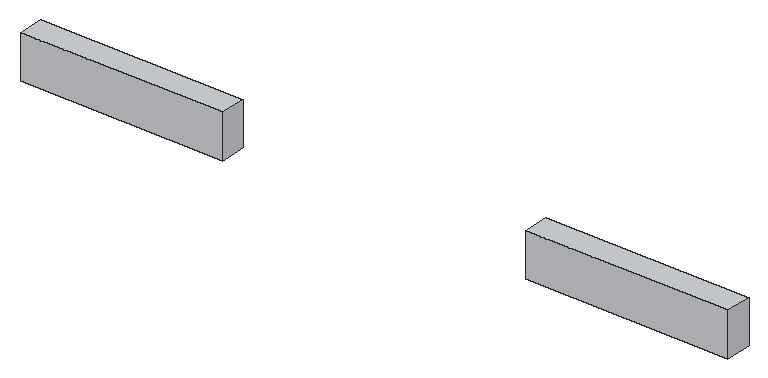
Revit family "В_Крепеж_межпанельный", category Специальное оборудование, Revit 2019
Family settings
  Размер круглого соединителя = Использовать диаметр
  Тип детали = Нормальный
  На основе рабочей плоскости = Нет
  Всегда вертикально = Да
  При загрузке вырезать с полостями = Нет
  Общий = Нет
  Точка расчета площади = Нет
Parameters
  Ширина столба [instance] = 100 mm
  Шаг столбов [instance] = 500 mm
  Тип крепежа [instance] = 1  # constant formula
  Ограничитель длины [instance] = if(not(Длина панели > 0 mm), 1 mm, Длина панели)  # 400 mm
  Длина панели [instance] = Шаг столбов - Ширина столба  # 400 mm
  Видимость одного крепежа [instance] = no
  Видимость массива [instance] = yes
  N межпанельно крепежа [instance] = if(not(Длина панели < 2500 mm), 4, if(and(Длина панели < 2500 mm, not(Длина панели < 1500 mm)), 3, 2))  # 2
  ADSK_Комплект [instance] = "Ограждение"
Reference planes
  plane 1 "По центру (Вперед/Назад)": y = 0
  plane 2: z = 0
  plane 3 "По центру (Влево/Вправо)": x = 0
  plane 4: x = 200
  plane 5: x = -200
Dimensions and locks
  "Ограничитель длины": plane 5 to plane 4
  equal spacing: plane 5, plane 3 "По центру (Влево/Вправо)", plane 4
  group 2 to group 1 = 100 mm
  group 1 to group 2 = 0 mm  (x2)
  locked: nested 3 to plane 4 at 250
  locked: plane 5 to nested 1 at 250
  aligned and locked: level to plane 2
  aligned and locked: plane 1 "По центру (Вперед/Назад)" to nested 1
  aligned and locked: plane 3 "По центру (Влево/Вправо)" to nested 5
  aligned and locked: plane 1 "По центру (Вперед/Назад)" to nested 5
Nested families
  nested 1: "В_Крепеж" at (50, 0, 0), Тип крепежа <- "Тип крепежа", ADSK_Комплект <- "ADSK_Комплект", visible <- "Видимость массива", type "Крепеж"
    with Ширина столба 0 mm, Тип крепежа 1, Путь к таблице "Таблица крепежей", Видимость метизов yes, Y насадка no, ADSK_Обозначение "Крепеж", ADSK_Наименование "Скоба F24", ADSK_Комплект "Ограждение", ADSK_Количество 1, ADSK_Код изделия "15512K"
  nested 2: "В_Метизы" at (70, 0, 0), type "Метизы"
    with Тип крепежа 1, Путь к таблице "Таблица метизов", ADSK_Наименование "Комплект метизов «В» для крепления скобы F24 (Винт М6х30 ISO 7380 А2 - 4 шт., Шайба D6 DIN 125 А2 - 4 шт.,Шайба 6 DIN 127 А2 - 4 шт.)", ADSK_Комплект "Ограждение", ADSK_Количество 1, ADSK_Код изделия "8932"
  nested 3: "В_Крепеж" at (-50, 0, 0), Тип крепежа <- "Тип крепежа", ADSK_Комплект <- "ADSK_Комплект", visible <- "Видимость массива", type "Крепеж"
    with Ширина столба 0 mm, Тип крепежа 1, Путь к таблице "Таблица крепежей", Видимость метизов yes, Y насадка no, ADSK_Обозначение "Крепеж", ADSK_Наименование "Скоба F24", ADSK_Комплект "Ограждение", ADSK_Количество 1, ADSK_Код изделия "15512K"
  nested 4: "В_Метизы" at (-30, 0, 0), type "Метизы"
    with Тип крепежа 1, Путь к таблице "Таблица метизов", ADSK_Наименование "Комплект метизов «В» для крепления скобы F24 (Винт М6х30 ISO 7380 А2 - 4 шт., Шайба D6 DIN 125 А2 - 4 шт.,Шайба 6 DIN 127 А2 - 4 шт.)", ADSK_Комплект "Ограждение", ADSK_Количество 1, ADSK_Код изделия "8932"
  nested 5: "В_Крепеж" at (0, 0, 0), visible <- "Видимость одного крепежа", type "Крепеж"
    with Ширина столба 0 mm, Тип крепежа 1, Путь к таблице "Таблица крепежей", Видимость метизов yes, Y насадка yes, ADSK_Обозначение "Крепеж", ADSK_Наименование "Скоба F24", ADSK_Комплект "Ограждение", ADSK_Количество 1, ADSK_Код изделия "15512K"
  nested 6: "В_Метизы" at (20, 0, 0), type "Метизы"
    with Тип крепежа 1, Путь к таблице "Таблица метизов", ADSK_Наименование "Комплект метизов «В» для крепления скобы F24 (Винт М6х30 ISO 7380 А2 - 4 шт., Шайба D6 DIN 125 А2 - 4 шт.,Шайба 6 DIN 127 А2 - 4 шт.)", ADSK_Комплект "Ограждение", ADSK_Количество 1, ADSK_Код изделия "8932"
  nested 7: "В_Метизы" at (-20, 0, 0), type "Метизы"
    with Тип крепежа 1, Путь к таблице "Таблица метизов", ADSK_Наименование "Комплект метизов «В» для крепления скобы F24 (Винт М6х30 ISO 7380 А2 - 4 шт., Шайба D6 DIN 125 А2 - 4 шт.,Шайба 6 DIN 127 А2 - 4 шт.)", ADSK_Комплект "Ограждение", ADSK_Количество 1, ADSK_Код изделия "8932"
Definition of nested family "В_Крепеж"
  Parameters (values of type "Крепеж")
    Ширина столба [instance] = 0 mm
    Тип крепежа [instance] = 5
    Путь к таблице [instance] = "Таблица крепежей"  # constant formula
    Manufacturer = [ADSK_Завод-изготовитель]  # "FENSYS"
    Model = "Насадки"
    Видимость метизов [instance] = not(Тип крепежа = 5)  # no
    Y насадка [instance] = yes
    URL = "https://www.fensys.ru/produkciya/krepyozh.html"
    ADSK_Обозначение [instance] = "Крепеж"  # constant formula
    ADSK_Наименование [instance] = size_lookup(Путь к таблице, "", "Не найдено", Тип крепежа)  # "Комплект крепления СББ/ПББ к насадке (Болт М6х25 DIN 933 оц - 4 шт., Зажим для крепления струны/проволоки - 4 шт., Шайба D6 DIN 125 оц. - 8 шт.,  Гайка М6 кл.8.0 DIN 934 оц. - 4 шт.)"
    ADSK_Комплект [instance] = ""
    ADSK_Количество [instance] = 1  # constant formula
    ADSK_Код изделия [instance] = size_lookup(Путь к таблице, "ADSK_Код изделия", "Не найдено", Тип крепежа)  # "8927"
    ADSK_Завод-изготовитель = "FENSYS"  # constant formula
    ADSK_Единица измерения = "шт."  # constant formula
  Reference planes
    plane 1 "По центру (Вперед/Назад)": y = 0
    plane 2: z = 0
    plane 3 "По центру (Влево/Вправо)": x = 0
    plane 4: z = 0
  Forms (mm)
    Extrusion 1, solid
      sketch origin (0, -3, 0) x (1, 0, 0) y (0, 1, 0)
        loop
          line (-20, 5.5) -> (-20, 0.5) -> (20, 0.5) -> (20, 5.5) -> (-20, 5.5)
      from -4.311 to 4.311
  Dimensions and locks
    locked: Extrusion 1 sketch curve to Extrusion 1 sketch curve at 5
    locked: Extrusion 1 sketch curve to Extrusion 1 sketch curve at 40
    aligned and locked: level to plane 2
  Nested families
    nested 1: "В_Метизы" at (20, 0, 0), Тип крепежа <- "Тип крепежа", ADSK_Комплект <- "ADSK_Комплект", visible <- "Видимость метизов", type "Метизы"
      with Тип крепежа 5, Путь к таблице "Таблица метизов", ADSK_Наименование "Комплект крепления СББ/ПББ к насадке (Болт М6х25 DIN 933 оц - 4 шт., Зажим для крепления струны/проволоки - 4 шт., Шайба D6 DIN 125 оц. - 8 шт.,  Гайка М6 кл.8.0 DIN 934 оц. - 4 шт.)", ADSK_Комплект "", ADSK_Количество 1, ADSK_Код изделия "8927"
    nested 2: "В_Метизы" at (-20, 0, 0), visible <- "Y насадка", Тип крепежа <- "Тип крепежа", ADSK_Комплект <- "ADSK_Комплект", type "Метизы"
      with Тип крепежа 5, Путь к таблице "Таблица метизов", ADSK_Наименование "Комплект крепления СББ/ПББ к насадке (Болт М6х25 DIN 933 оц - 4 шт., Зажим для крепления струны/проволоки - 4 шт., Шайба D6 DIN 125 оц. - 8 шт.,  Гайка М6 кл.8.0 DIN 934 оц. - 4 шт.)", ADSK_Комплект "", ADSK_Количество 1, ADSK_Код изделия "8927"
  Definition of nested family "В_Метизы"
    Parameters (values of type "Метизы")
      Тип крепежа [instance] = 1
      Путь к таблице [instance] = "Таблица метизов"  # constant formula
      Manufacturer = [ADSK_Завод-изготовитель]  # "FENSYS"
      URL = "https://www.fensys.ru/produkciya/krepyozh.html"
      ADSK_Наименование [instance] = size_lookup(Путь к таблице, "", "Не найдено", Тип крепежа)  # "Комплект метизов «В» для крепления скобы F24 (Винт М6х30 ISO 7380 А2 - 4 шт., Шайба D6 DIN 125 А2 - 4 шт.,Шайба 6 DIN 127 А2 - 4 шт.)"
      ADSK_Комплект [instance] = "Ограждение"
      ADSK_Количество [instance] = 1  # constant formula
      ADSK_Код изделия [instance] = size_lookup(Путь к таблице, "ADSK_Код изделия", "Не найдено", Тип крепежа)  # "8932"
      ADSK_Завод-изготовитель = "FENSYS"  # constant formula
      ADSK_Единица измерения = "шт."  # constant formula
    Reference planes
      plane 1 "По центру (Вперед/Назад)": y = 0
      plane 2: z = 0
      plane 3 "По центру (Влево/Вправо)": x = 0
      plane 4: z = 0
    Lines and regions (mm)
      reference lines
        curve 1: circle (0, 0, 0) r 0.299 normal (0, -1, 0)
      model lines
        curve 2: circle (0, 0, 0) r 0.3 normal (0, -1, 0)
    Dimensions and locks
      aligned and locked: level to plane 2
Definition of nested family "В_Метизы"
  Parameters (values of type "Метизы")
    Тип крепежа [instance] = 1
    Путь к таблице [instance] = "Таблица метизов"  # constant formula
    Manufacturer = [ADSK_Завод-изготовитель]  # "FENSYS"
    URL = "https://www.fensys.ru/produkciya/krepyozh.html"
    ADSK_Наименование [instance] = size_lookup(Путь к таблице, "", "Не найдено", Тип крепежа)  # "Комплект метизов «В» для крепления скобы F24 (Винт М6х30 ISO 7380 А2 - 4 шт., Шайба D6 DIN 125 А2 - 4 шт.,Шайба 6 DIN 127 А2 - 4 шт.)"
    ADSK_Комплект [instance] = "Ограждение"
    ADSK_Количество [instance] = 1  # constant formula
    ADSK_Код изделия [instance] = size_lookup(Путь к таблице, "ADSK_Код изделия", "Не найдено", Тип крепежа)  # "8932"
    ADSK_Завод-изготовитель = "FENSYS"  # constant formula
    ADSK_Единица измерения = "шт."  # constant formula
  Reference planes
    plane 1 "По центру (Вперед/Назад)": y = 0
    plane 2: z = 0
    plane 3 "По центру (Влево/Вправо)": x = 0
    plane 4: z = 0
  Lines and regions (mm)
    reference lines
      curve 1: circle (0, 0, 0) r 0.299 normal (0, -1, 0)
    model lines
      curve 2: circle (0, 0, 0) r 0.3 normal (0, -1, 0)
  Dimensions and locks
    aligned and locked: level to plane 2
